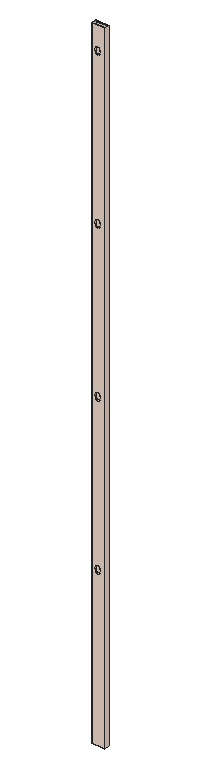
Revit family "SQ-PowerBar45100(t1.0)", category 機械設備, Revit 2020
Family settings
  丸型コネクタ寸法 = 直径を使用
  種別 = なし
  パーツ タイプ = 標準
  作業面ベース = いいえ
  常に垂直 = はい
  ロード時にボイドで切り取り = いいえ
  共有 = いいえ
  部屋計算ポイント = いいえ
Parameters
  製造元 = "株式会社桐井製作所"
  既定の高さ = 0 mm
  振れ止め本数 [instance] = roundup(([K_長さ(mm)] - 1200 mm) * 1 / 振れ止めピッチ) * 1  # 4
  振れ止めピッチ = 1200 mm  # constant formula
  URL = "https://www.kirii.co.jp/"
  K_長さ(mm) [instance] = 5000 mm
  K_断面積A(mm2) = 283.4
  K_断面係数Zy(mm3) = 4831
  K_断面係数Zx(mm3) = 7420
  K_断面2次半径iy(mm) = 19.6
  K_断面2次半径ix(mm) = 36.2
  K_断面2次モーメントIy(mm4) = 108700
  K_断面2次モーメントIx(mm4) = 37100
  K_外形寸法(mm) = "45×100×1.0"
  K_品名 = "SQ-PowerBar45100(t1.0)"
  K_名称 = "スタッド"
  K_単位質量(kg/m) = 2.259
  K_ヤング係数E(N/mm2) = 205000
  K_バージョン情報 = "20210714"
Reference planes
  plane 1 "中心(正面/背面)": y = 0
  plane 2: z = 0
  plane 3 "中心(左/右)": x = 0
  plane 4: x = 50
  plane 5: x = -50
  plane 6: y = 22.5
  plane 7: z = 5000
  plane 8: y = -22.5
  plane 9: z = 1200
Forms (mm)
  Extrusion 1, solid
    sketch origin (0.5, -20, 0) x (1, 0, 0) y (0, 1, 0)
      loop
        line (-50.5, 42.5) -> (-50.5, -2.5) -> (49.5, -2.5) -> (49.5, 42.5) -> (-50.5, 42.5)
      loop
        line (-49.5, -1.5) -> (48.5, -1.5) -> (48.5, 41.5) -> (-49.5, 41.5) -> (-49.5, -1.5)
    from 0 to 5000
  Extrusion 2, void
    sketch origin (0, 0, 0) x (1, 0, 0) y (0, 0, 1)
      loop
        line (-11, 1200) -> (11, 1200) -> (11, 1202.5) -> (17, 1202.5)
        arc (17, 1202.5) -> (18.637, 1203.351) -> (18.881, 1205.18) r 2
        line (18.881, 1205.18) -> (17.907, 1207.885)
        arc (17.907, 1207.885) -> (17.8, 1208.52) -> (17.921, 1209.153) r 1.817
        line (17.921, 1209.153) -> (19, 1211.955) -> (19, 1214.5) -> (20.772, 1226.411)
        arc (20.772, 1226.411) -> (19.036, 1238.367) -> (11, 1247.389) r 21
        line (11, 1247.389) -> (11, 1253) -> (-11, 1253) -> (-11, 1247.389)
        arc (-11, 1247.389) -> (-19.034, 1238.372) -> (-20.773, 1226.422) r 21
        line (-20.773, 1226.422) -> (-19, 1214.5) -> (-19, 1211.955) -> (-17.921, 1209.153)
        arc (-17.921, 1209.153) -> (-17.8, 1208.52) -> (-17.907, 1207.885) r 1.817
        line (-17.907, 1207.885) -> (-18.881, 1205.18)
        arc (-18.881, 1205.18) -> (-18.637, 1203.351) -> (-17, 1202.5) r 2
        line (-17, 1202.5) -> (-11, 1202.5) -> (-11, 1200)
    from -22.5 to 22.5
  Extrusion 3, void
    sketch origin (0, 0, 1200) x (1, 0, 0) y (0, 0, 1)
      loop
        line (-11, 1200) -> (11, 1200) -> (11, 1202.5) -> (17, 1202.5)
        arc (17, 1202.5) -> (18.637, 1203.351) -> (18.881, 1205.18) r 2
        line (18.881, 1205.18) -> (17.907, 1207.885)
        arc (17.907, 1207.885) -> (17.8, 1208.52) -> (17.921, 1209.153) r 1.817
        line (17.921, 1209.153) -> (19, 1211.955) -> (19, 1214.5) -> (20.772, 1226.411)
        arc (20.772, 1226.411) -> (19.036, 1238.367) -> (11, 1247.389) r 21
        line (11, 1247.389) -> (11, 1253) -> (-11, 1253) -> (-11, 1247.389)
        arc (-11, 1247.389) -> (-19.034, 1238.372) -> (-20.773, 1226.422) r 21
        line (-20.773, 1226.422) -> (-19, 1214.5) -> (-19, 1211.955) -> (-17.921, 1209.153)
        arc (-17.921, 1209.153) -> (-17.8, 1208.52) -> (-17.907, 1207.885) r 1.817
        line (-17.907, 1207.885) -> (-18.881, 1205.18)
        arc (-18.881, 1205.18) -> (-18.637, 1203.351) -> (-17, 1202.5) r 2
        line (-17, 1202.5) -> (-11, 1202.5) -> (-11, 1200)
    from -22.5 to 22.5
  Extrusion 4, void
    sketch origin (0, 0, 2400) x (1, 0, 0) y (0, 0, 1)
      loop
        line (-11, 1200) -> (11, 1200) -> (11, 1202.5) -> (17, 1202.5)
        arc (17, 1202.5) -> (18.637, 1203.351) -> (18.881, 1205.18) r 2
        line (18.881, 1205.18) -> (17.907, 1207.885)
        arc (17.907, 1207.885) -> (17.8, 1208.52) -> (17.921, 1209.153) r 1.817
        line (17.921, 1209.153) -> (19, 1211.955) -> (19, 1214.5) -> (20.772, 1226.411)
        arc (20.772, 1226.411) -> (19.036, 1238.367) -> (11, 1247.389) r 21
        line (11, 1247.389) -> (11, 1253) -> (-11, 1253) -> (-11, 1247.389)
        arc (-11, 1247.389) -> (-19.034, 1238.372) -> (-20.773, 1226.422) r 21
        line (-20.773, 1226.422) -> (-19, 1214.5) -> (-19, 1211.955) -> (-17.921, 1209.153)
        arc (-17.921, 1209.153) -> (-17.8, 1208.52) -> (-17.907, 1207.885) r 1.817
        line (-17.907, 1207.885) -> (-18.881, 1205.18)
        arc (-18.881, 1205.18) -> (-18.637, 1203.351) -> (-17, 1202.5) r 2
        line (-17, 1202.5) -> (-11, 1202.5) -> (-11, 1200)
    from -22.5 to 22.5
  Extrusion 5, void
    sketch origin (0, 0, 3600) x (1, 0, 0) y (0, 0, 1)
      loop
        line (-11, 1200) -> (11, 1200) -> (11, 1202.5) -> (17, 1202.5)
        arc (17, 1202.5) -> (18.637, 1203.351) -> (18.881, 1205.18) r 2
        line (18.881, 1205.18) -> (17.907, 1207.885)
        arc (17.907, 1207.885) -> (17.8, 1208.52) -> (17.921, 1209.153) r 1.817
        line (17.921, 1209.153) -> (19, 1211.955) -> (19, 1214.5) -> (20.772, 1226.411)
        arc (20.772, 1226.411) -> (19.036, 1238.367) -> (11, 1247.389) r 21
        line (11, 1247.389) -> (11, 1253) -> (-11, 1253) -> (-11, 1247.389)
        arc (-11, 1247.389) -> (-19.034, 1238.372) -> (-20.773, 1226.422) r 21
        line (-20.773, 1226.422) -> (-19, 1214.5) -> (-19, 1211.955) -> (-17.921, 1209.153)
        arc (-17.921, 1209.153) -> (-17.8, 1208.52) -> (-17.907, 1207.885) r 1.817
        line (-17.907, 1207.885) -> (-18.881, 1205.18)
        arc (-18.881, 1205.18) -> (-18.637, 1203.351) -> (-17, 1202.5) r 2
        line (-17, 1202.5) -> (-11, 1202.5) -> (-11, 1200)
    from -22.5 to 22.5
Cuts and joins
  Extrusion 2, Extrusion 3, Extrusion 4, Extrusion 5 cuts Extrusion 1
Dimensions and locks
  "K_長さ(mm)": plane 7 to level
  "振れ止めピッチ": plane 9 to plane 2
  equal spacing: group 1, group 2, group 3, group 4  (x3)
  aligned and locked: level to plane 2
  aligned and locked: Extrusion 1 sketch curve to plane 6
  aligned and locked: plane 7 to Extrusion 1
  aligned and locked: plane 6 to Extrusion 1
  aligned and locked: Extrusion 1 to plane 8
  aligned and locked: plane 4 to Extrusion 1
  aligned and locked: Extrusion 1 to plane 5
  aligned and locked: plane 4 to cut or joined group of Extrusion 1, Extrusion 2, Extrusion 3, Extrusion 4, Extrusion 5
  aligned and locked: plane 5 to cut or joined group of Extrusion 1, Extrusion 2, Extrusion 3, Extrusion 4, Extrusion 5
  aligned and locked: plane 8 to cut or joined group of Extrusion 1, Extrusion 2, Extrusion 3, Extrusion 4, Extrusion 5
  aligned and locked: cut or joined group of Extrusion 1, Extrusion 2, Extrusion 3, Extrusion 4, Extrusion 5 to plane 9
Automatic sketch dimensions
  Extrusion 2 sketch curve to Extrusion 2 sketch curve = 0 mm  (x4)
  Extrusion 2 sketch curve to Extrusion 2 sketch curve = 1.156 mm
  Extrusion 2 sketch curve to Extrusion 2 sketch curve = 0.617 mm
  Extrusion 2 sketch curve to Extrusion 2 sketch curve = 0.736 mm
  Extrusion 2 sketch curve to Extrusion 2 sketch curve = 1.695 mm  (x2)
  Extrusion 2 sketch curve to Extrusion 2 sketch curve = 0.014 mm  (x2)
  Extrusion 2 sketch curve to Extrusion 2 sketch curve = 1.881 mm  (x2)
  Extrusion 2 sketch curve to Extrusion 2 sketch curve = 9.773 mm
  Extrusion 2 sketch curve to Extrusion 2 sketch curve = 6 mm  (x2)
  Extrusion 2 sketch curve to Extrusion 2 sketch curve = 11 mm
  Extrusion 2 sketch curve to Extrusion 2 sketch curve = 22 mm  (x2)
  Extrusion 2 sketch curve to Extrusion 2 sketch curve = 0.907 mm
  Extrusion 2 sketch curve to Extrusion 2 sketch curve = 1.079 mm
  Extrusion 2 sketch curve to Extrusion 2 sketch curve = 2.5 mm  (x2)
  Extrusion 2 sketch curve to Extrusion 2 sketch curve = 2 mm  (x2)
  Extrusion 2 sketch curve to Extrusion 2 sketch curve = 2.705 mm  (x2)
  Extrusion 2 sketch curve to Extrusion 2 sketch curve = 0.615 mm  (x2)
  Extrusion 2 sketch curve to Extrusion 2 sketch curve = 2.803 mm  (x2)
  Extrusion 2 sketch curve to Extrusion 2 sketch curve = 2.545 mm  (x2)
  Extrusion 2 sketch curve to Extrusion 2 sketch curve = 11.922 mm
  Extrusion 2 sketch curve to Extrusion 2 sketch curve = 3.078 mm
  Extrusion 2 sketch curve to Extrusion 2 sketch curve = 17.889 mm
  Extrusion 2 sketch curve to Extrusion 2 sketch curve = 5.611 mm
  Extrusion 2 sketch curve to Extrusion 2 sketch curve = 1.772 mm
  Extrusion 3 sketch curve to Extrusion 3 sketch curve = 0 mm  (x4)
  Extrusion 3 sketch curve to Extrusion 3 sketch curve = 1.156 mm
  Extrusion 3 sketch curve to Extrusion 3 sketch curve = 0.617 mm
  Extrusion 3 sketch curve to Extrusion 3 sketch curve = 0.736 mm
  Extrusion 3 sketch curve to Extrusion 3 sketch curve = 1.695 mm  (x2)
  Extrusion 3 sketch curve to Extrusion 3 sketch curve = 0.014 mm  (x2)
  Extrusion 3 sketch curve to Extrusion 3 sketch curve = 1.881 mm  (x2)
  Extrusion 3 sketch curve to Extrusion 3 sketch curve = 9.773 mm
  Extrusion 3 sketch curve to Extrusion 3 sketch curve = 6 mm  (x2)
  Extrusion 3 sketch curve to Extrusion 3 sketch curve = 11 mm
  Extrusion 3 sketch curve to Extrusion 3 sketch curve = 22 mm  (x2)
  Extrusion 3 sketch curve to Extrusion 3 sketch curve = 0.907 mm
  Extrusion 3 sketch curve to Extrusion 3 sketch curve = 1.079 mm
  Extrusion 3 sketch curve to Extrusion 3 sketch curve = 2.5 mm  (x2)
  Extrusion 3 sketch curve to Extrusion 3 sketch curve = 2 mm  (x2)
  Extrusion 3 sketch curve to Extrusion 3 sketch curve = 2.705 mm  (x2)
  Extrusion 3 sketch curve to Extrusion 3 sketch curve = 0.615 mm  (x2)
  Extrusion 3 sketch curve to Extrusion 3 sketch curve = 2.803 mm  (x2)
  Extrusion 3 sketch curve to Extrusion 3 sketch curve = 2.545 mm  (x2)
  Extrusion 3 sketch curve to Extrusion 3 sketch curve = 11.922 mm
  Extrusion 3 sketch curve to Extrusion 3 sketch curve = 3.078 mm
  Extrusion 3 sketch curve to Extrusion 3 sketch curve = 17.889 mm
  Extrusion 3 sketch curve to Extrusion 3 sketch curve = 5.611 mm
  Extrusion 3 sketch curve to Extrusion 3 sketch curve = 1.772 mm
  Extrusion 4 sketch curve to Extrusion 4 sketch curve = 0 mm  (x4)
  Extrusion 4 sketch curve to Extrusion 4 sketch curve = 1.156 mm
  Extrusion 4 sketch curve to Extrusion 4 sketch curve = 0.617 mm
  Extrusion 4 sketch curve to Extrusion 4 sketch curve = 0.736 mm
  Extrusion 4 sketch curve to Extrusion 4 sketch curve = 1.695 mm  (x2)
  Extrusion 4 sketch curve to Extrusion 4 sketch curve = 0.014 mm  (x2)
  Extrusion 4 sketch curve to Extrusion 4 sketch curve = 1.881 mm  (x2)
  Extrusion 4 sketch curve to Extrusion 4 sketch curve = 9.773 mm
  Extrusion 4 sketch curve to Extrusion 4 sketch curve = 6 mm  (x2)
  Extrusion 4 sketch curve to Extrusion 4 sketch curve = 11 mm
  Extrusion 4 sketch curve to Extrusion 4 sketch curve = 22 mm  (x2)
  Extrusion 4 sketch curve to Extrusion 4 sketch curve = 0.907 mm
  Extrusion 4 sketch curve to Extrusion 4 sketch curve = 1.079 mm
  Extrusion 4 sketch curve to Extrusion 4 sketch curve = 2.5 mm  (x2)
  Extrusion 4 sketch curve to Extrusion 4 sketch curve = 2 mm  (x2)
  Extrusion 4 sketch curve to Extrusion 4 sketch curve = 2.705 mm  (x2)
  Extrusion 4 sketch curve to Extrusion 4 sketch curve = 0.615 mm  (x2)
  Extrusion 4 sketch curve to Extrusion 4 sketch curve = 2.803 mm  (x2)
  Extrusion 4 sketch curve to Extrusion 4 sketch curve = 2.545 mm  (x2)
  Extrusion 4 sketch curve to Extrusion 4 sketch curve = 11.922 mm
  Extrusion 4 sketch curve to Extrusion 4 sketch curve = 3.078 mm
  Extrusion 4 sketch curve to Extrusion 4 sketch curve = 17.889 mm
  Extrusion 4 sketch curve to Extrusion 4 sketch curve = 5.611 mm
  Extrusion 4 sketch curve to Extrusion 4 sketch curve = 1.772 mm
  Extrusion 5 sketch curve to Extrusion 5 sketch curve = 0 mm  (x4)
  Extrusion 5 sketch curve to Extrusion 5 sketch curve = 1.156 mm
  Extrusion 5 sketch curve to Extrusion 5 sketch curve = 0.617 mm
  Extrusion 5 sketch curve to Extrusion 5 sketch curve = 0.736 mm
  Extrusion 5 sketch curve to Extrusion 5 sketch curve = 1.695 mm  (x2)
  Extrusion 5 sketch curve to Extrusion 5 sketch curve = 0.014 mm  (x2)
  Extrusion 5 sketch curve to Extrusion 5 sketch curve = 1.881 mm  (x2)
  Extrusion 5 sketch curve to Extrusion 5 sketch curve = 9.773 mm
  Extrusion 5 sketch curve to Extrusion 5 sketch curve = 6 mm  (x2)
  Extrusion 5 sketch curve to Extrusion 5 sketch curve = 11 mm
  Extrusion 5 sketch curve to Extrusion 5 sketch curve = 22 mm  (x2)
  Extrusion 5 sketch curve to Extrusion 5 sketch curve = 0.907 mm
  Extrusion 5 sketch curve to Extrusion 5 sketch curve = 1.079 mm
  Extrusion 5 sketch curve to Extrusion 5 sketch curve = 2.5 mm  (x2)
  Extrusion 5 sketch curve to Extrusion 5 sketch curve = 2 mm  (x2)
  Extrusion 5 sketch curve to Extrusion 5 sketch curve = 2.705 mm  (x2)
  Extrusion 5 sketch curve to Extrusion 5 sketch curve = 0.615 mm  (x2)
  Extrusion 5 sketch curve to Extrusion 5 sketch curve = 2.803 mm  (x2)
  Extrusion 5 sketch curve to Extrusion 5 sketch curve = 2.545 mm  (x2)
  Extrusion 5 sketch curve to Extrusion 5 sketch curve = 11.922 mm
  Extrusion 5 sketch curve to Extrusion 5 sketch curve = 3.078 mm
  Extrusion 5 sketch curve to Extrusion 5 sketch curve = 17.889 mm
  Extrusion 5 sketch curve to Extrusion 5 sketch curve = 5.611 mm
  Extrusion 5 sketch curve to Extrusion 5 sketch curve = 1.772 mm
  Extrusion 1 sketch curve to plane 5 = 0 mm
  Extrusion 1 sketch curve to plane 8 = 0 mm
  Extrusion 1 sketch curve to plane 4 = 1 mm
  Extrusion 1 sketch curve to plane 6 = 1 mm
  plane 8 to Extrusion 1 sketch curve = 1 mm
  plane 5 to Extrusion 1 sketch curve = 1 mm
  Extrusion 1 sketch curve to plane 4 = 0 mm
